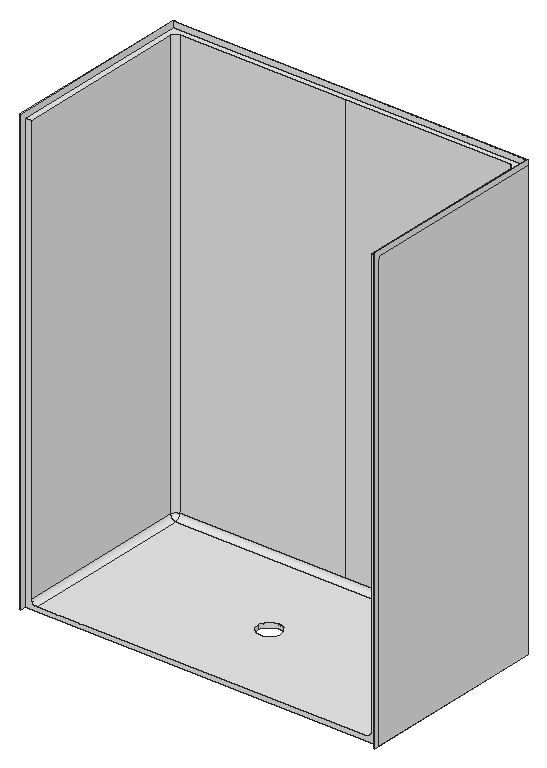
Revit family "LMSS26333A75T.V2,A2T.V2,A75B.V2,A2B.V2", category Plumbing Fixtures, Revit 2017
Family settings
  Round Connector Dimension = Use Diameter
  Part Type = Normal
  OmniClass Number = 23.45.05.14.17
  OmniClass Title = Showers
  Work Plane-Based = No
  Always vertical = Yes
  Cut with Voids When Loaded = No
  Shared = No
  Room Calculation Point = No
Parameters (values of type "LMSS26333A75B.V2")
  Unit Width = 63"
  Unit Height = 78 3/4"
  URL = "http://www.bestbath.com/"
  Type Comments = "ADA Compliant"
  Threshold Height = 3/4"
  Model = "LMSS26333A75B.V2"
  Material [instance] = Best Bath Gelcoat Fiberglass - Smooth
  Manufacturer = "Best Bath Systems, Inc."
  Keynote = "22 40 00.B3"
  Description = "Bevelled Threshold"
  Assembly Code = "D2010710"
Types (3): name | Unit Height | Threshold Height | Model
  (no name) | 78 3/4" | 3/4" | "LMSS26333A75B.V2"
  LMSS26333A75B.V2 | 78 3/4" | 3/4" | "LMSS26333A75B.V2"
  LMSS26333A2B.V2 | 80" | 2" | "LMSS26333A2B.V2"
Reference planes (in)
  plane 1 "Back": y = -14
  plane 2: z = 0
  plane 3 "Left": x = 0
  plane 4: x = 63
  plane 5: y = -47
  plane 6: z = 77.75
  plane 7: z = 0.75
  plane 8: z = 78.75
  plane 9: x = 31.5
  plane 10: y = -21
  plane 11: y = -15.25
  plane 12: y = -32
  plane 13: z = 0.36673
  plane 14: z = 34.75
  plane 15: z = 18.75
  plane 16: y = -48
Forms (in)
  Extrusion 1, solid, material "Best Bath Gelcoat Fiberglass - Smooth"
    sketch origin (0, 0, 0) x (1, 0, 0) y (0, 1, 0)
      loop
        line (0, -14) -> (0, -47) -> (63, -47) -> (63, -14) -> (0, -14)
      loop
        circle (31.5, -32) r 2.0625
    from 0 to 0.75
  Blend 2, void
    base sketch origin (0, 0, 0) x (1, 0, 0) y (0, 1, 0)
      loop
        line (3, -47) -> (60, -47) -> (60, -16.75) -> (3, -16.75) -> (3, -47)
    top sketch origin (0, 0, 0) x (1, 0, 0) y (0, 1, 0)
      loop
        circle (31.5, -32) r 0.0831
    from 0.75 to 0.36673
  Extrusion 3, solid, material "Best Bath Gelcoat Fiberglass - Smooth"
    sketch origin (0.25959, 0, 0) x (1, 0, 0) y (0, 1, 0)
      loop
        line (62.74041, -47) -> (62.74041, -14) -> (31.64023, -14) -> (-0.25959, -14) -> (-0.25959, -47) -> (1.02418, -47) -> (1.02418, -16.25)
        arc (1.02418, -16.25) -> (1.31707, -15.54289) -> (2.02418, -15.25) r 1
        line (2.02418, -15.25) -> (31.37304, -15.25) -> (60.49041, -15.25)
        arc (60.49041, -15.25) -> (61.19752, -15.54289) -> (61.49041, -16.25) r 1
        line (61.49041, -16.25) -> (61.49041, -47) -> (62.74041, -47)
    from 0 to 77.75
  Extrusion 4, solid, material "Best Bath Gelcoat Fiberglass - Smooth"
    sketch origin (0, 0, 0) x (1, 0, 0) y (0, 1, 0)
      loop
        line (0, -14) -> (0, -48) -> (0.125, -48) -> (0.125, -14.125) -> (62.875, -14.125) -> (62.875, -48) -> (63, -48) -> (63, -14) -> (0, -14)
    from 0 to 78.75
  Sweep 5, solid, material "Best Bath Gelcoat Fiberglass - Smooth"
    path origin (0, 0, 0) x (1, 0, 0) y (0, 1, 0)
      loop
        line (1.28377, -47) -> (1.28377, -16.25)
        arc (1.28377, -16.25) -> (1.57666, -15.54289) -> (2.28377, -15.25) r 1
        line (2.28377, -15.25) -> (60.75, -15.25)
        arc (60.75, -15.25) -> (61.45711, -15.54289) -> (61.75, -16.25) r 1
        line (61.75, -16.25) -> (61.75, -47)
    profile origin (1.28377, -31.625, 0) x (-1, 0, 0) y (0, 0, 1)
      loop
        line (0, 0.75) -> (0, 1.73)
        arc (0, 1.73) -> (-0.28704, 1.03704) -> (-0.98, 0.75) r 0.98
        line (-0.98, 0.75) -> (0, 0.75)
Cuts and joins
  joined: Extrusion 1, Extrusion 3, Sweep 5
Dimensions and locks (in)
  "Unit Width": plane 3 "Left" to plane 4
  "Threshold Height": plane 7 to level
  locked: plane 8 to plane 6 at 1
  "Unit Height": plane 8 to level
  equal spacing: plane 3 "Left", plane 9, plane 4
  plane 1 "Back" to plane 12 = 18"
  plane 11 to plane 1 "Back" = 1 1/4"
  locked: plane 7 to plane 13 at 0.38327
  plane 14 to plane 7 = 34"
  locked: plane 15 to plane 7 at 18
  locked: plane 5 to plane 16 at 1
  locked: plane 16 to plane 1 "Back" at 34
  aligned and locked: level to plane 2
  aligned and locked: plane 7 to Extrusion 1
  aligned and locked: plane 5 to Extrusion 1 sketch curve
  aligned and locked: plane 4 to Extrusion 1 sketch curve
  aligned and locked: plane 9 to Extrusion 1 sketch curve
  aligned and locked: plane 12 to Blend 2 sketch curve
  aligned and locked: plane 9 to Blend 2 sketch curve
  aligned and locked: Extrusion 1 to Blend 2
  aligned and locked: Blend 2 to plane 13
  aligned and locked: plane 12 to Extrusion 1 sketch curve
  aligned and locked: plane 6 to Extrusion 3
  aligned and locked: Sweep 5 sketch curve to plane 7
  aligned and locked: Extrusion 3 to level
  aligned and locked: Extrusion 4 to level
  aligned and locked: plane 8 to Extrusion 4
Automatic sketch dimensions
  Extrusion 1 sketch curve to plane 3 "Left" = 0"
  plane 1 "Back" to Extrusion 1 sketch curve = 0"
  Sweep 5 sketch curve to plane 5 = 0"  (x2)
  plane 11 to Sweep 5 sketch curve = 0"
  plane 3 "Left" to Sweep 5 sketch curve = 1.28377"
  Sweep 5 sketch curve to Sweep 5 sketch curve = 1"
  plane 4 to Sweep 5 sketch curve = 2 1/4"
  plane 4 to Sweep 5 sketch curve = 1 1/4"
  Sweep 5 sketch curve to profile plane = 0"
  profile plane to Sweep 5 sketch curve = 0.98"
  Blend 2 sketch curve to plane 5 = 0"
  plane 3 "Left" to Blend 2 sketch curve = 3"
  plane 4 to Blend 2 sketch curve = 3"
  Blend 2 sketch curve to plane 11 = 1 1/2"
  Extrusion 4 sketch curve to plane 3 "Left" = 0"
  Extrusion 4 sketch curve to plane 16 = 0"  (x2)
  plane 1 "Back" to Extrusion 4 sketch curve = 0"
  Extrusion 4 sketch curve to plane 4 = 0"
  plane 3 "Left" to Extrusion 4 sketch curve = 1/8"
  Extrusion 4 sketch curve to Extrusion 4 sketch curve = 1/8"
  plane 1 "Back" to Extrusion 4 sketch curve = 1/8"
  Extrusion 3 sketch curve to plane 3 "Left" = 0"
  Extrusion 3 sketch curve to plane 5 = 0"  (x2)
  plane 11 to Extrusion 3 sketch curve = 0"
  plane 1 "Back" to Extrusion 3 sketch curve = 0"
  Extrusion 3 sketch curve to plane 4 = 0"
  plane 3 "Left" to Extrusion 3 sketch curve = 1.28377"
  Extrusion 3 sketch curve to Extrusion 3 sketch curve = 1"
  Extrusion 3 sketch curve to plane 9 = 0.13263"
  Extrusion 3 sketch curve to plane 9 = 0.39982"
  Extrusion 3 sketch curve to plane 11 = 1"
  plane 4 to Extrusion 3 sketch curve = 2 1/4"
  radius of Extrusion 1 sketch curve = 2 1/16"
  radius of Blend 2 sketch curve = 0.0831"
